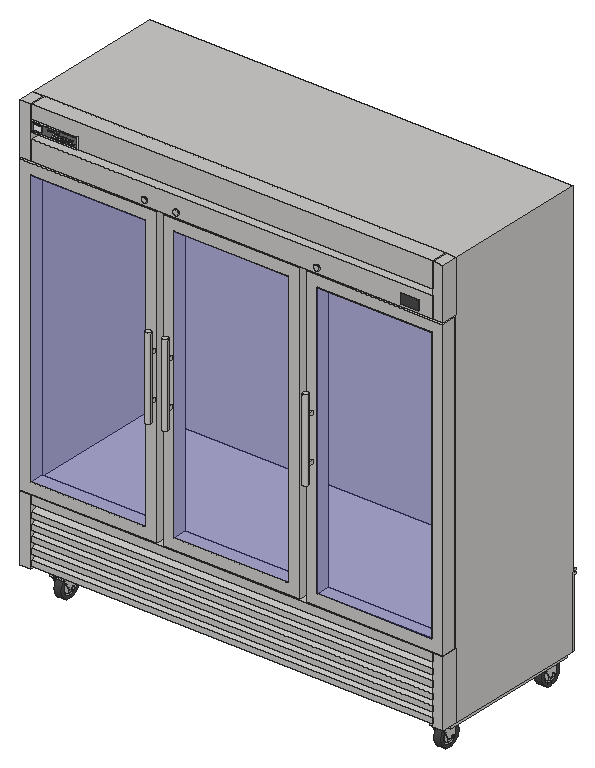
Revit family "QF_TRUE_TS-72G-HC~FGD01", category Specialty Equipment, Revit 2015
Parameters
  Weight in Pounds = 0
  Watts = Volts * FL Amps  # 793.5 W
  Volts = 115 V
  URL Cutsheet = "www.truemfg.com"
  URL = "www.truemfg.com"
  Specification by User = ""
  Specification by Manufacturer = ""
  Siesmic Flanged [instance] = and(Show Seismic Flanged, not(Show 5 Inches Castors))  # no
  Show Seismic Flanged [instance] = no
  Show Logo [instance] = yes
  Show Clearance [instance] = yes
  Show 6 Inches Legs [instance] = no
  Show 5 Inches Castors [instance] = not(or(Show 6 Inches Legs, Show Seismic Flanged))  # yes
  Serial Number = ""
  Seismic Rating = ""
  SMACNA No = ""
  Revision Code = ""
  Phase = 1
  Number of Poles = 1
  NAFEM Spec ID Number = ""
  Model = "TS-72G-HC~FGD01"
  Min Ckt Ampacity = 0 A
  Max Overcurrent Protection = 0 A
  Masterspec = ""
  Manufacturer = "TRUE"
  Length = 78 1/8"
  Item Number = ""
  Installed By = ""
  Identify Quantity as Lot = yes
  Height = 83 3/8"
  HP = "3/4"
  Furnished By = ""
  Foodservice Equipment Identifier = yes
  FL Amps = 6.9 A
  Electrical Remarks = ""
  Electric Connection Type = ""
  Elec Conn RI Height = 0"
  Elec Conn Connection Height = 0"
  Description = "REACH-IN GLASS SWING DOOR STAINLESS STEEL REFRIGERATOR WITH HYDROCARBON REFRIGERANT~FRAMED GLASS DOOR VERSION 01"
  Depth = 32 1/8"
  Cycle = 60 Hz
  Conn Plug = "NEMA 5-15P"
  Conn Conduit = yes
  CSI MasterFormat = ""
  Base Height [instance] = if(Show 5 Inches Castors, 5", if(Show 6 Inches Legs, 6", if(Show Seismic Flanged, 6", 5")))  # 5"
  Apparent Power = 0 VA
  6 Inches Legs [instance] = and(or(Show Seismic Flanged, Show 6 Inches Legs), not(Show 5 Inches Castors))  # no
  5 Inches  Casters [instance] = Show 5 Inches Castors  # yes
Reference planes (in)
  plane 1 "BACK": y = 0
  plane 2: z = 0
  plane 3 "LEFT": x = 0
  plane 4 "RIGHT": x = 78.125
  plane 5 "FRONT": y = -32.125
  plane 6 "TOP": z = 83.375
  plane 7 "Center Y": x = 39.0625
  plane 8 "Center X": y = -16.0625
  plane 9: z = 5
Forms (in)
  Extrusion 1, solid, material "QF_Metal - Stainless - Polished"
    sketch origin (0, -0.25, 18.90845) x (1, 0, 0) y (0, 0, -1)
      loop
        circle (39.0625, 10.90845) r 1
    from 0 to 0.125
Dimensions and locks (in)
  equal spacing: plane 3 "LEFT", plane 7 "Center Y", plane 4 "RIGHT"
  "Length": plane 3 "LEFT" to plane 4 "RIGHT"
  equal spacing: plane 5 "FRONT", plane 8 "Center X", plane 1 "BACK"
  "Depth": plane 5 "FRONT" to plane 1 "BACK"
  locked: plane 6 "TOP" to plane 9 at 78.375
  "Base Height": plane 9 to plane 2
  plane 6 "TOP" to plane 2 = 83 3/8"
  plane 5 "FRONT" to nested 1 = 32 1/8"
  nested 1 to nested 1 = 30 1/2"
  nested 1 to nested 1 = 5/8"
  nested 1 to nested 1 = 29 7/8"
  plane 5 "FRONT" to nested 1 = 1 5/8"
  aligned and locked: plane 2 to level
  aligned and locked: nested 1 to plane 9
Automatic sketch dimensions
  nested 1 to Extrusion 1 sketch curve = 1 5/8"
  nested 1 to Extrusion 1 sketch curve = 39 1/16"
  radius of Extrusion 1 sketch curve = 1"
Nested families (in)
  nested 1: "T-72G-HC-FGD01" at (0, 0, 0), Show Clearance <- "Show Clearance", Show Logo <- "Show Logo", type "T-72G-HC-FGD01"
    with Show Logo yes, Show Clearance yes, Materials and Finshes QF_Plastic - Black - Smooth, Default Legs yes
  nested 2: "Caster-Legs" at (4, -2.625, 0), Show Siesmic Flanged <- "Show Seismic Flanged", Show Legs <- "Show 6 Inches Legs", Show 5" Casters <- "5 Inches  Casters", type "Caster-Legs"
    with Type Mark "", Status "", Specification by User "", Show Siesmic Flanged no, Show Legs no, Show 6" Casters no, Show 5" Casters yes, Show 4" Casters no, Show 2.5 Casters no, Revision Code "", Low Profile no, Item Number "", Installed By "", Identify Quantity as Lot yes, Furnished By "", Foodservice Equipment Identifier yes
  nested 3: "Caster-Legs" at (4, -25.875, 0), Show Siesmic Flanged <- "Show Seismic Flanged", Show Legs <- "Show 6 Inches Legs", Show 5" Casters <- "5 Inches  Casters", type "Caster-Legs"
    with Type Mark "", Status "", Specification by User "", Show Siesmic Flanged no, Show Legs no, Show 6" Casters no, Show 5" Casters yes, Show 4" Casters no, Show 2.5 Casters no, Revision Code "", Low Profile no, Item Number "", Installed By "", Identify Quantity as Lot yes, Furnished By "", Foodservice Equipment Identifier yes
  nested 4: "Caster-Legs" at (74.125, -2.625, 0), Show Siesmic Flanged <- "Show Seismic Flanged", Show Legs <- "Show 6 Inches Legs", Show 5" Casters <- "5 Inches  Casters", type "Caster-Legs"
    with Type Mark "", Status "", Specification by User "", Show Siesmic Flanged no, Show Legs no, Show 6" Casters no, Show 5" Casters yes, Show 4" Casters no, Show 2.5 Casters no, Revision Code "", Low Profile no, Item Number "", Installed By "", Identify Quantity as Lot yes, Furnished By "", Foodservice Equipment Identifier yes
  nested 5: "Caster-Legs" at (74.125, -25.875, 0), Show Siesmic Flanged <- "Show Seismic Flanged", Show Legs <- "Show 6 Inches Legs", Show 5" Casters <- "5 Inches  Casters", type "Caster-Legs"
    with Type Mark "", Status "", Specification by User "", Show Siesmic Flanged no, Show Legs no, Show 6" Casters no, Show 5" Casters yes, Show 4" Casters no, Show 2.5 Casters no, Revision Code "", Low Profile no, Item Number "", Installed By "", Identify Quantity as Lot yes, Furnished By "", Foodservice Equipment Identifier yes
Connectors (in)
  electrical at (39.0625, -0.125, 8), driven by "Volts", driven by "Watts"
    settings: on Extrusion 1, index 1, voltage 115 V, apparent load 793.5 VA, apparent load phase1 0 VA, apparent load phase2 0 VA, apparent load phase3 0 VA, power factor 1, load classification "Other", number of poles 1, system type 30, power factor state 1, is connector primary yes, connector utility no, sub classification motor no, connector description "ELECTRICAL CONNECTION"
Definition of nested family "T-72G-HC-FGD01"
  Parameters
    Weight in Pounds = 0
    Watts = 0 W
    Volts = 0 V
    URL Cutsheet = ""
    Specification by User = ""
    Specification by Manufacturer = ""
    Show Logo [instance] = yes
    Show Clearance [instance] = yes
    Serial Number = ""
    Seismic Rating = ""
    SMACNA No = ""
    Revision Code = ""
    Phase = 0
    Number of Poles = 1
    NAFEM Spec ID Number = ""
    Min Ckt Ampacity = 0 A
    Max Overcurrent Protection = 0 A
    Materials and Finshes [instance] = none
    Masterspec = ""
    Length = 78 1/8"
    Item Number = ""
    Installed By = ""
    Identify Quantity as Lot = yes
    Height = 83 3/8"
    HP = ""
    Furnished By = ""
    Foodservice Equipment Identifier = yes
    FL Amps = 0 A
    Electrical Remarks = ""
    Electric Connection Type = ""
    Elec Conn RI Height = 0"
    Elec Conn Connection Height = 0"
    Depth = 30 1/2"
    Default Legs [instance] = yes
    Cycle = 0 Hz
    Conn Plug = ""
    Conn Conduit = yes
    CSI MasterFormat = ""
    Base Height [instance] = 5"
    Apparent Power = 0 VA
  Reference planes (in)
    plane 1 "BACK": y = 0
    plane 2: z = 0
    plane 3 "LEFT": x = 0
    plane 4 "RIGHT": x = 78.125
    plane 5 "FRONT": y = -30.5
    plane 6 "TOP": z = 83.375
    plane 7 "Center Y": x = 39.0625
    plane 8 "Center X": y = -15.25
    plane 9: z = 5
    plane 10: y = -32.125
    plane 11: y = -0.625
    plane 12: z = 6.375
    plane 13: x = 4
    plane 14: x = 74.125
    plane 15: y = -2.625
    plane 16: y = -26.875
  Forms (in)
    Extrusion 1, solid
      sketch origin (-5.09019, -0.625, 48) x (-1, 0, 0) y (0, 0, 1)
        loop
          line (-5.09019, 35.375) -> (-83.21519, 35.375) -> (-83.21519, -41.625) -> (-5.09019, -41.625) -> (-5.09019, 35.375)
      from 0 to -26.875
    Extrusion 2, solid
      sketch origin (-5.09019, -27.5, 48) x (1, 0, 0) y (0, 0, 1)
        loop
          line (5.09019, 35.375) -> (5.09019, 25.875) -> (7.09019, 25.875) -> (7.09019, 35.375) -> (5.09019, 35.375)
        loop
          line (83.21519, 35.375) -> (81.21519, 35.375) -> (81.21519, 25.875) -> (83.21519, 25.875) -> (83.21519, 35.375)
        loop
          line (5.09019, -29.375) -> (5.09019, -41.625) -> (7.09019, -41.625) -> (7.09019, -29.375) -> (5.09019, -29.375)
        loop
          line (83.21519, -29.375) -> (81.21519, -29.375) -> (81.21519, -41.625) -> (83.21519, -41.625) -> (83.21519, -29.375)
      from 0 to 3
    Extrusion 3, void
      sketch origin (-5.09019, -27.5, 48) x (-1, 0, 0) y (0, 0, 1)
        loop
          line (-5.34019, 25.375) -> (-82.96519, 25.375) -> (-82.96519, -28.875) -> (-5.34019, -28.875) -> (-5.34019, 25.375)
      from 0 to 25.61194
    Extrusion 4, solid
      sketch origin (-5.09019, -27.5, 48) x (1, 0, 0) y (0, 0, 1)
        loop
          line (30.34019, 25.625) -> (5.09019, 25.625) -> (5.09019, -29.125) -> (30.34019, -29.125) -> (30.34019, 25.625)
        loop
          line (28.34019, 23.625) -> (7.09019, 23.625) -> (7.09019, -27.125) -> (28.34019, -27.125) -> (28.34019, 23.625)
        loop
          line (56.76697, 25.625) -> (31.51697, 25.625) -> (31.51697, -29.125) -> (56.76697, -29.125) -> (56.76697, 25.625)
        loop
          line (54.76697, 23.625) -> (33.51697, 23.625) -> (33.51697, -27.125) -> (54.76697, -27.125) -> (54.76697, 23.625)
        loop
          line (57.96519, 25.625) -> (57.96519, -29.125) -> (83.21519, -29.125) -> (83.21519, 25.625) -> (57.96519, 25.625)
        loop
          line (59.96519, 23.625) -> (59.96519, -27.125) -> (81.21519, -27.125) -> (81.21519, 23.625) -> (59.96519, 23.625)
      from 0.5 to 3
    Extrusion 5, solid
      sketch origin (25.25, -27.5, 73.625) x (0, 0, -1) y (0, 1, 0)
        loop
          line (22.75, -3) -> (22.75, -3.63505) -> (23.39808, -3.63505) -> (23.39808, -3) -> (22.75, -3)
        loop
          line (30.8951, -3) -> (30.8951, -3.63505) -> (31.54318, -3.63505) -> (31.54318, -3) -> (30.8951, -3)
      from -0.36508 to -1.13332
    Extrusion 6, solid
      sketch origin (28.42678, -27.5, 18.875) x (0, 0, 1) y (0, -1, 0)
        loop
          line (32, 3) -> (32, 3.63505) -> (31.35192, 3.63505) -> (31.35192, 3) -> (32, 3)
        loop
          line (23.8549, 3) -> (23.8549, 3.63505) -> (23.20682, 3.63505) -> (23.20682, 3) -> (23.8549, 3)
      from -0.36508 to -1.13332
    Extrusion 7, solid
      sketch origin (52.875, -27.5, 73.625) x (0, 0, -1) y (0, -1, 0)
        loop
          line (22.75, 3) -> (23.39808, 3) -> (23.39808, 3.63505) -> (22.75, 3.63505) -> (22.75, 3)
        loop
          line (30.8951, 3) -> (31.54318, 3) -> (31.54318, 3.63505) -> (30.8951, 3.63505) -> (30.8951, 3)
      from -0.36508 to -1.13332
    Extrusion 8, solid
      sketch origin (25.25, -31.13505, 42.08182) x (1, 0, 0) y (0, -1, 0)
        loop
          circle (-0.7492, 0.49497) r 0.5
        loop
          circle (2.42758, 0.49497) r 0.5
        loop
          circle (28.3742, 0.49497) r 0.5
      from 3 to -12
    Extrusion 9, solid
      sketch origin (2, -27.5, 83.375) x (0, 0, -1) y (0, 1, 0)
        loop
          line (0, -3) -> (4.5, -3) -> (5.75, -0.19245) -> (5.75, -3) -> (9.5, -3) -> (9.5, 0) -> (0, 0) -> (0, -3)
        loop
          line (64.75, -3) -> (66.25, -3) -> (66.25, -0.43712) -> (67.5, -3) -> (68.5, -3) -> (68.5, -0.9497) -> (69.5, -3) -> (70.5, -3) -> (70.5, -0.9497) -> (71.5, -3) -> (72.5, -3) -> (72.5, -0.9497) -> (73.5, -3) -> (74.5, -3) -> (74.5, -0.9497) -> (75.5, -3) -> (76.5, -3) -> (76.5, 0) -> (64.75, 0) -> (64.75, -3)
      from 0 to 74.125
    Extrusion 10, solid
      sketch origin (-5.09019, -30.5, 48) x (1, 0, 0) y (0, 0, 1)
        loop
          line (7.09019, -27.125) -> (28.34019, -27.125) -> (28.34019, 23.625) -> (7.09019, 23.625) -> (7.09019, -27.125)
        loop
          line (33.51697, -27.125) -> (54.76697, -27.125) -> (54.76697, 23.625) -> (33.51697, 23.625) -> (33.51697, -27.125)
        loop
          line (59.96519, -27.125) -> (81.21519, -27.125) -> (81.21519, 23.625) -> (59.96519, 23.625) -> (59.96519, -27.125)
      from 0 to 0.125
    Extrusion 11, solid
      sketch origin (2, -30.5, 77.625) x (0, 0, -1) y (1, 0, 0)
        loop
          line (1.52381, 68.36966) -> (3.27381, 68.36966) -> (3.27381, 71.61966) -> (1.52381, 71.61966) -> (1.52381, 68.36966)
      from 0 to 0.0625
    Extrusion 12, solid
      sketch origin (2, -30.5, 77.625) x (0, 0, -1) y (1, 0, 0)
        loop
          circle (2.77758, 20.91745) r 0.5
        loop
          circle (2.77758, 26.78508) r 0.5
        loop
          circle (2.77758, 52.78508) r 0.5
      from 0 to 0.0625
    Extrusion 13, solid, visible <- "Show Logo", detail levels medium+fine
      sketch origin (2, -30.5, 82.63885) x (0, 0, -1) y (1, 0, 0)
        loop
          line (1.76118, 8.6) -> (1.76118, 0) -> (3.76385, 0) -> (3.76385, 8.6) -> (1.76118, 8.6)
        loop
          line (1.89867, 0.1375) -> (3.62635, 0.1375) -> (3.62635, 8.4625) -> (1.89867, 8.4625) -> (1.89867, 0.1375)
      from 0 to 0.125
    Extrusion 14, solid, visible <- "Show Logo", detail levels medium+fine
      sketch origin (2, -30.5, 82.63885) x (0, 0, -1) y (1, 0, 0)
        loop
          line (1.89867, 0.1375) -> (3.62635, 0.1375) -> (3.62635, 8.4625) -> (1.89867, 8.4625) -> (1.89867, 0.1375)
      from 0 to 0.125
    Extrusion 15, solid, visible <- "Show Logo", detail levels medium+fine
      sketch origin (2, -30.625, 82.63885) x (0, 0, -1) y (1, 0, 0)
        loop
          line (2.97977, 4.28365) -> (2.50687, 4.5351) -> (2.50687, 5.16949) -> (2.33804, 5.24822) -> (2.33804, 4.61383) -> (2.16921, 4.69255) -> (2.16921, 4.46687) -> (2.33804, 4.38814) -> (2.33804, 3.3058) -> (2.50687, 3.22707) -> (2.50687, 4.27436)
          arc (2.50687, 4.27436) -> (2.54446, 4.29562) -> (2.58205, 4.27436) r 0.04386
          line (2.58205, 4.27436) -> (3.16783, 4.00121)
          arc (3.16783, 4.00121) -> (3.22209, 3.99884) -> (3.26213, 4.03553) r 0.07096
          line (3.26213, 4.03553) -> (3.26213, 4.70519)
          arc (3.26213, 4.70519) -> (3.23547, 4.78975) -> (3.16512, 4.84372) r 0.14742
          line (3.16512, 4.84372) -> (2.70413, 5.05869) -> (2.70413, 5.25619)
          arc (2.70413, 5.25619) -> (2.72319, 5.308) -> (2.77789, 5.3005) r 0.04405
          line (2.77789, 5.3005) -> (3.16362, 5.12064)
          arc (3.16362, 5.12064) -> (3.22768, 5.12343) -> (3.26213, 5.17751) r 0.06943
          line (3.26213, 5.17751) -> (3.26213, 5.76593)
          arc (3.26213, 5.76593) -> (3.24572, 5.81102) -> (3.20417, 5.83501) r 0.07014
          arc (3.20417, 5.83501) -> (3.24515, 5.85198) -> (3.26213, 5.89296) r 0.05796
          line (3.26213, 5.89296) -> (3.26213, 6.26554)
          arc (3.26213, 6.26554) -> (3.25059, 6.30858) -> (3.21909, 6.34009) r 0.08608
          arc (3.21909, 6.34009) -> (3.2555, 6.35517) -> (3.27059, 6.39159) r 0.0515
          line (3.27059, 6.39159) -> (3.27059, 6.92111)
          arc (3.27059, 6.92111) -> (3.25266, 6.9644) -> (3.20937, 6.98233) r 0.06122
          arc (3.20937, 6.98233) -> (3.24905, 7.02202) -> (3.26358, 7.07623) r 0.10842
          line (3.26358, 7.07623) -> (3.26358, 8.06814) -> (3.07273, 8.17833) -> (3.07273, 7.17784)
          arc (3.07273, 7.17784) -> (3.05358, 7.15022) -> (3.02, 7.14919) r 0.03732
          line (3.02, 7.14919) -> (2.98288, 7.1665)
          arc (2.98288, 7.1665) -> (2.94807, 7.19307) -> (2.93487, 7.23483) r 0.07263
          line (2.93487, 7.23483) -> (2.93487, 7.55642)
          arc (2.93487, 7.55642) -> (2.91627, 7.62583) -> (2.86546, 7.67664) r 0.13882
          line (2.86546, 7.67664) -> (2.70413, 7.76979)
          arc (2.70413, 7.76979) -> (2.61802, 7.76979) -> (2.57497, 7.69522) r 0.08611
          line (2.57497, 7.69522) -> (2.57497, 7.3558)
          arc (2.57497, 7.3558) -> (2.58967, 7.26928) -> (2.65338, 7.20892) r 0.13863
          line (2.65338, 7.20892) -> (2.99927, 7.04763)
          arc (2.99927, 7.04763) -> (3.06131, 7.00002) -> (3.08482, 6.92544) r 0.13002
          line (3.08482, 6.92544) -> (3.08482, 6.57338)
          arc (3.08482, 6.57338) -> (3.03883, 6.53123) -> (2.9765, 6.53395) r 0.08151
          line (2.9765, 6.53395) -> (2.57497, 6.72119) -> (2.57497, 6.60202) -> (3.00038, 6.40365)
          arc (3.00038, 6.40365) -> (3.05061, 6.36511) -> (3.06965, 6.30473) r 0.10527
          line (3.06965, 6.30473) -> (3.06965, 6.06195)
          arc (3.06965, 6.06195) -> (3.01619, 6.02093) -> (2.94937, 6.02973) r 0.08805
          line (2.94937, 6.02973) -> (2.57497, 6.20431) -> (2.57497, 6.08125) -> (3.00592, 5.88029)
          arc (3.00592, 5.88029) -> (3.05257, 5.83364) -> (3.06965, 5.76992) r 0.12745
          line (3.06965, 5.76992) -> (3.06965, 5.41837)
          arc (3.06965, 5.41837) -> (3.04021, 5.35523) -> (2.9708, 5.34916) r 0.06967
          line (2.9708, 5.34916) -> (2.72299, 5.46471) -> (2.72299, 5.62806)
          arc (2.72299, 5.62806) -> (2.63993, 5.65562) -> (2.57497, 5.71428) r 0.21289
          line (2.57497, 5.71428) -> (2.57497, 5.07597)
          arc (2.57497, 5.07597) -> (2.5907, 5.00504) -> (2.64426, 4.95596) r 0.12081
          line (2.64426, 4.95596) -> (3.01531, 4.78294)
          arc (3.01531, 4.78294) -> (3.05509, 4.74316) -> (3.06965, 4.68881) r 0.10869
          line (3.06965, 4.68881) -> (3.06965, 4.30773)
          arc (3.06965, 4.30773) -> (3.02945, 4.27799) -> (2.97977, 4.28365) r 0.06822
        loop
          arc (2.83181, 7.55242) -> (2.82738, 7.57242) -> (2.81491, 7.58867) r 0.04731
          line (2.81491, 7.58867) -> (2.7524, 7.60216)
          arc (2.7524, 7.60216) -> (2.73568, 7.59819) -> (2.72826, 7.58268) r 0.01994
          line (2.72826, 7.58268) -> (2.72826, 7.31291)
          arc (2.72826, 7.31291) -> (2.73562, 7.28544) -> (2.75573, 7.26533) r 0.05494
          line (2.75573, 7.26533) -> (2.80595, 7.249)
          arc (2.80595, 7.249) -> (2.82424, 7.25658) -> (2.83181, 7.27486) r 0.02586
          line (2.83181, 7.27486) -> (2.83181, 7.55242)
        loop
          line (2.16921, 2.1375) -> (2.16921, 0.74564) -> (3.27059, 0.74564) -> (3.27059, 2.1375) -> (2.16921, 2.1375)
      from 0 to 0.0625
    Extrusion 16, solid
      sketch origin (0, 0, 0) x (1, 0, 0) y (0, 0, 1)
        loop
          line (1, 6.375) -> (1, 5) -> (77.125, 5) -> (77.125, 6.375) -> (1, 6.375)
      from 0.625 to 27.5
    Extrusion 17, solid, visible <- "Show Clearance", detail levels coarse
      sketch origin (0, -27.5, 18.875) x (0, -1, 0) y (-1, 0, 0)
        loop
          line (3, 0) -> (3, -25.25)
          arc (3, -25.25) -> (20.85445, -17.85445) -> (28.25, 0) r 25.25
          line (28.25, 0) -> (3, 0)
        loop
          line (3, -51.67678) -> (28.25, -51.67678)
          arc (28.25, -51.67678) -> (20.85445, -33.82233) -> (3, -26.42678) r 25.25
          line (3, -26.42678) -> (3, -51.67678)
        loop
          line (3, -52.875) -> (3, -78.125) -> (28.25, -78.125)
          arc (28.25, -78.125) -> (20.85445, -60.27055) -> (3, -52.875) r 25.25
      from 0 to -54.75
    Extrusion 18, solid
      sketch origin (0, -0.625, 82.375) x (0, 0, 1) y (0, 1, 0)
        loop
          line (-76, 0) -> (-62.57476, 0) -> (-62.57476, 0.14819) -> (-62.39798, 0.32496) -> (-62.39798, 0.625) -> (-62.74122, 0.625) -> (-62.74122, 0.375) -> (-63.12172, 0.375) -> (-63.12172, 0.625) -> (-63.46655, 0.625) -> (-63.46655, 0.375) -> (-76, 0.375) -> (-76, 0)
      from 0 to -78.125
  Cuts and joins
    Extrusion 3 cuts Extrusion 1
    Extrusion 3 cuts Extrusion 2
  Lines and regions (in)
    symbolic lines
      curve 1: line (0, 0, 0) -> (78.125, 0, 0)
      curve 2: line (0, -30.5, 0) -> (0, 0, 0)
      curve 3: line (78.125, -30.5, 0) -> (0, -30.5, 0)
      curve 4: line (78.125, 0, 0) -> (78.125, -30.5, 0)
      curve 5: line (78.125, -27.5, 0) -> (0, -27.5, 0)
      curve 6: line (78.125, -0.625, 0) -> (0, -0.625, 0)
      curve 7: arc (29.80964, -43.125, 0) -> (27.28715, -37.03518, 0) -> (26.42678, -30.5, 0) r 25.25
      curve 8: line (29.80964, -43.125, 0) -> (51.67678, -30.5, 0)
      curve 9: arc (56.25786, -43.125, 0) -> (53.73537, -37.03518, 0) -> (52.875, -30.5, 0) r 25.25
      curve 10: line (56.25786, -43.125, 0) -> (78.125, -30.5, 0)
      curve 11: arc (25.25, -30.5, 0) -> (24.38963, -37.03518, 0) -> (21.86714, -43.125, 0) r 25.25
      curve 12: line (0, -30.5, 0) -> (21.86714, -43.125, 0)
      curve 13: arc (24.0008, -31.63003, 0) -> (24.5008, -31.13003, 0) -> (25.0008, -31.63003, 0) r 0.5
      curve 14: arc (25.0008, -31.63003, 0) -> (24.5008, -32.13003, 0) -> (24.0008, -31.63003, 0) r 0.5
      curve 15: line (24.88492, -30.5, 0) -> (24.88492, -31.30994, 0)
      curve 16: line (24.11668, -30.5, 0) -> (24.11668, -31.30994, 0)
      curve 17: arc (27.17758, -31.63003, 0) -> (27.67758, -31.13003, 0) -> (28.17758, -31.63003, 0) r 0.5
      curve 18: arc (28.17758, -31.63003, 0) -> (27.67758, -32.13003, 0) -> (27.17758, -31.63003, 0) r 0.5
      curve 19: line (28.06169, -30.5, 0) -> (28.06169, -31.30994, 0)
      curve 20: line (27.29346, -30.5, 0) -> (27.29346, -31.30994, 0)
      curve 21: arc (53.1242, -31.63003, 0) -> (53.6242, -31.13003, 0) -> (54.1242, -31.63003, 0) r 0.5
      curve 22: arc (54.1242, -31.63003, 0) -> (53.6242, -32.13003, 0) -> (53.1242, -31.63003, 0) r 0.5
      curve 23: line (54.00832, -30.5, 0) -> (54.00832, -31.30994, 0)
      curve 24: line (53.24008, -30.5, 0) -> (53.24008, -31.30994, 0)
  Dimensions and locks (in)
    equal spacing: plane 3 "LEFT", plane 7 "Center Y", plane 4 "RIGHT"
    "Length": plane 3 "LEFT" to plane 4 "RIGHT"
    equal spacing: plane 5 "FRONT", plane 8 "Center X", plane 1 "BACK"
    "Depth": plane 5 "FRONT" to plane 1 "BACK"
    "Height": plane 6 "TOP" to level
    "Base Height": plane 9 to plane 2
    plane 1 "BACK" to plane 10 = 32 1/8"
    plane 1 "BACK" to plane 11 = 5/8"
    plane 11 to plane 5 "FRONT" = 29 7/8"
    plane 6 "TOP" to plane 9 = 78 3/8"
    plane 6 "TOP" to plane 12 to plane 9 = 77", 1 3/8"
    plane 10 to plane 1 "BACK" = 32 1/8"
    plane 5 "FRONT" to plane 11 = 29 7/8"
    aligned and locked: level to plane 2
  Automatic sketch dimensions
    plane 4 "RIGHT" to Extrusion 1 sketch curve = 0"
    Extrusion 1 sketch curve to plane 3 "LEFT" = 0"
    Extrusion 1 sketch curve to plane 12 = 0"
    Extrusion 1 sketch curve to plane 6 "TOP" = 0"
    Extrusion 2 sketch curve to Extrusion 1 = 0"  (x7)
    Extrusion 1 to Extrusion 2 sketch curve = 0"
    Extrusion 2 sketch curve to Extrusion 1 = 2"  (x4)
    Extrusion 2 sketch curve to Extrusion 2 sketch curve = 12 1/4"  (x2)
    Extrusion 2 sketch curve to Extrusion 1 = 9 1/2"  (x2)
    Extrusion 1 to Extrusion 3 sketch curve = 1/4"  (x2)
    Extrusion 1 to Extrusion 3 sketch curve = 12 3/4"
    Extrusion 1 to Extrusion 3 sketch curve = 10"
    Extrusion 1 to Extrusion 4 sketch curve = 0"
    Extrusion 4 sketch curve to Extrusion 1 = 0"
    Extrusion 4 sketch curve to Extrusion 1 = 2"  (x2)
    Extrusion 4 sketch curve to Extrusion 4 sketch curve = 21 1/4"  (x2)
    Extrusion 4 sketch curve to Extrusion 4 sketch curve = 2"  (x10)
    Extrusion 4 sketch curve to Extrusion 4 sketch curve = 1.17678"
    Extrusion 4 sketch curve to Extrusion 4 sketch curve = 1.19822"
    Extrusion 4 sketch curve to Extrusion 1 = 12 1/2"  (x3)
    Extrusion 4 sketch curve to Extrusion 1 = 11 3/4"  (x2)
    Extrusion 4 sketch curve to Extrusion 4 sketch curve = 0"
    Extrusion 5 sketch curve to Extrusion 4 = 0"  (x2)
    Extrusion 5 sketch curve to Extrusion 4 = 0.63505"
    Extrusion 5 sketch curve to Extrusion 4 = 22 3/4"
    Extrusion 5 sketch curve to Extrusion 5 sketch curve = 0.64808"  (x2)
    Extrusion 5 sketch curve to Extrusion 5 sketch curve = 7.49702"
    Extrusion 5 sketch curve to Extrusion 5 sketch curve = 0.63505"
    Extrusion 6 sketch curve to Extrusion 4 = 0"  (x2)
    Extrusion 4 to Extrusion 6 sketch curve = 21.20682"
    Extrusion 6 sketch curve to Extrusion 6 sketch curve = 0.64808"  (x2)
    Extrusion 6 sketch curve to Extrusion 6 sketch curve = 7.49702"
    Extrusion 6 sketch curve to Extrusion 6 sketch curve = 0.63505"  (x2)
    Extrusion 7 sketch curve to Extrusion 4 = 0"  (x2)
    Extrusion 7 sketch curve to Extrusion 4 = 0.63505"  (x2)
    Extrusion 4 to Extrusion 7 sketch curve = 22 3/4"
    Extrusion 7 sketch curve to Extrusion 7 sketch curve = 0.64808"  (x2)
    Extrusion 7 sketch curve to Extrusion 7 sketch curve = 7.49702"
    Extrusion 8 sketch curve to Extrusion 5 = 0.38412"
    Extrusion 5 to Extrusion 8 sketch curve = 0.49497"  (x3)
    Extrusion 5 to Extrusion 8 sketch curve = 2.79266"
    Extrusion 8 sketch curve to Extrusion 8 sketch curve = 25.94662"
    Extrusion 9 sketch curve to Extrusion 2 = 0"  (x12)
    Extrusion 9 sketch curve to Extrusion 9 sketch curve = 4 1/2"
    Extrusion 2 to Extrusion 9 sketch curve = 0.19245"
    Extrusion 9 sketch curve to Extrusion 9 sketch curve = 1 1/4"  (x2)
    Extrusion 9 sketch curve to Extrusion 2 = 55 1/4"
    Extrusion 9 sketch curve to Extrusion 9 sketch curve = 1 1/2"
    Extrusion 2 to Extrusion 9 sketch curve = 0.9497"  (x4)
    Extrusion 9 sketch curve to Extrusion 9 sketch curve = 1"  (x7)
    Extrusion 9 sketch curve to Extrusion 9 sketch curve = 2"  (x2)
    Extrusion 2 to Extrusion 9 sketch curve = 0.43712"
    Extrusion 10 sketch curve to Extrusion 4 = 0"  (x9)
    Extrusion 4 to Extrusion 10 sketch curve = 0"  (x3)
    Extrusion 9 to Extrusion 11 sketch curve = 1.52381"
    Extrusion 11 sketch curve to Extrusion 9 = 0.47619"
    Extrusion 9 to Extrusion 11 sketch curve = 5.75534"
    Extrusion 9 to Extrusion 11 sketch curve = 2.50534"
    Extrusion 12 sketch curve to Extrusion 9 = 0.97242"  (x3)
    Extrusion 9 to Extrusion 12 sketch curve = 20.91745"
    Extrusion 12 sketch curve to Extrusion 12 sketch curve = 5.86763"
    Extrusion 9 to Extrusion 12 sketch curve = 21.33992"
    Extrusion 13 sketch curve to Extrusion 9 = 0"  (x2)
    Extrusion 13 sketch curve to Extrusion 9 = 0.1375"
    Extrusion 9 to Extrusion 13 sketch curve = 0.1375"
    Extrusion 13 sketch curve to Extrusion 13 sketch curve = 1.72768"
    Extrusion 13 sketch curve to Extrusion 13 sketch curve = 0.1375"  (x2)
    Extrusion 13 sketch curve to Extrusion 13 sketch curve = 8.325"
    Extrusion 14 sketch curve to Extrusion 9 = 0.1375"
    Extrusion 9 to Extrusion 14 sketch curve = 0.1375"
    Extrusion 14 sketch curve to Extrusion 14 sketch curve = 1.72768"
    Extrusion 14 sketch curve to Extrusion 14 sketch curve = 8.325"
    Extrusion 13 to Extrusion 15 sketch curve = 0.27054"  (x2)
    Extrusion 15 sketch curve to Extrusion 15 sketch curve = 0.16883"  (x3)
    Extrusion 13 to Extrusion 15 sketch curve = 0.43937"
    Extrusion 15 sketch curve to Extrusion 15 sketch curve = 0.03759"  (x2)
    Extrusion 15 sketch curve to Extrusion 15 sketch curve = 0.0681"
    Extrusion 15 sketch curve to Extrusion 15 sketch curve = 0"  (x3)
    Extrusion 15 sketch curve to Extrusion 15 sketch curve = 0.06929"
    Extrusion 15 sketch curve to Extrusion 15 sketch curve = 0.07841"
    Extrusion 15 sketch curve to Extrusion 15 sketch curve = 0.08611"
    Extrusion 15 sketch curve to Extrusion 15 sketch curve = 0.05106"
    Extrusion 15 sketch curve to Extrusion 15 sketch curve = 0.00881"
    Extrusion 15 sketch curve to Extrusion 15 sketch curve = 0.04305"
    Extrusion 15 sketch curve to Extrusion 15 sketch curve = 0.137"
    Extrusion 15 sketch curve to Extrusion 15 sketch curve = 0.01886"  (x2)
    Extrusion 15 sketch curve to Extrusion 15 sketch curve = 0.06718"
    Extrusion 15 sketch curve to Extrusion 15 sketch curve = 0.04174"
    Extrusion 15 sketch curve to Extrusion 15 sketch curve = 0.02409"
    Extrusion 15 sketch curve to Extrusion 15 sketch curve = 0.01994"
    Extrusion 15 sketch curve to Extrusion 15 sketch curve = 0.00421"
    Extrusion 15 sketch curve to Extrusion 15 sketch curve = 0.02747"
    Extrusion 15 sketch curve to Extrusion 15 sketch curve = 0.03201"
    Extrusion 15 sketch curve to Extrusion 15 sketch curve = 0.05494"
    Extrusion 15 sketch curve to Extrusion 15 sketch curve = 0.0363"
    Extrusion 15 sketch curve to Extrusion 15 sketch curve = 0.01155"
    Extrusion 15 sketch curve to Extrusion 15 sketch curve = 0.05022"
    Extrusion 15 sketch curve to Extrusion 15 sketch curve = 0.03576"
    Extrusion 15 sketch curve to Extrusion 15 sketch curve = 0.05055"
    Extrusion 15 sketch curve to Extrusion 15 sketch curve = 0.10306"
    Extrusion 15 sketch curve to Extrusion 15 sketch curve = 0.19512"
    Extrusion 15 sketch curve to Extrusion 15 sketch curve = 0.00718"
    Extrusion 15 sketch curve to Extrusion 15 sketch curve = 0.01993"
    Extrusion 15 sketch curve to Extrusion 15 sketch curve = 0.3167"
    Extrusion 15 sketch curve to Extrusion 15 sketch curve = 0.015"
    Extrusion 15 sketch curve to Extrusion 15 sketch curve = 0.19292"
    Extrusion 15 sketch curve to Extrusion 15 sketch curve = 0.01213"
    Extrusion 15 sketch curve to Extrusion 15 sketch curve = 0.39772"
    Extrusion 15 sketch curve to Extrusion 15 sketch curve = 0.04801"
    Extrusion 15 sketch curve to Extrusion 15 sketch curve = 0.04402"
    Extrusion 15 sketch curve to Extrusion 15 sketch curve = 0.01639"
    Extrusion 15 sketch curve to Extrusion 15 sketch curve = 0.02944"
    Extrusion 15 sketch curve to Extrusion 15 sketch curve = 0.03601"
    Extrusion 15 sketch curve to Extrusion 15 sketch curve = 0.06372"  (x2)
    Extrusion 15 sketch curve to Extrusion 15 sketch curve = 0.07263"
    Extrusion 15 sketch curve to Extrusion 15 sketch curve = 0.03445"
    Extrusion 15 sketch curve to Extrusion 15 sketch curve = 0.03203"
    Extrusion 15 sketch curve to Extrusion 15 sketch curve = 0.05434"
    Extrusion 15 sketch curve to Extrusion 15 sketch curve = 0.03711"
    Extrusion 15 sketch curve to Extrusion 15 sketch curve = 0.01577"
    Extrusion 15 sketch curve to Extrusion 15 sketch curve = 0.10527"
    Extrusion 15 sketch curve to Extrusion 15 sketch curve = 0.05785"
    Extrusion 15 sketch curve to Extrusion 15 sketch curve = 0.20727"
    Extrusion 15 sketch curve to Extrusion 15 sketch curve = 0.13002"
    Extrusion 15 sketch curve to Extrusion 15 sketch curve = 0.04505"
    Extrusion 15 sketch curve to Extrusion 15 sketch curve = 0.08242"
    Extrusion 15 sketch curve to Extrusion 15 sketch curve = 0.19282"
    Extrusion 15 sketch curve to Extrusion 15 sketch curve = 0.05042"
    Extrusion 15 sketch curve to Extrusion 15 sketch curve = 0.09818"
    Extrusion 15 sketch curve to Extrusion 15 sketch curve = 0.1064"
    Extrusion 15 sketch curve to Extrusion 15 sketch curve = 0.12234"
    Extrusion 15 sketch curve to Extrusion 15 sketch curve = 0.02934"
    Extrusion 15 sketch curve to Extrusion 15 sketch curve = 0.02999"
    Extrusion 15 sketch curve to Extrusion 15 sketch curve = 0.01218"
    Extrusion 15 sketch curve to Extrusion 15 sketch curve = 0.12454"
    Extrusion 15 sketch curve to Extrusion 15 sketch curve = 0.04304"  (x2)
    Extrusion 15 sketch curve to Extrusion 15 sketch curve = 0.06917"
    Extrusion 15 sketch curve to Extrusion 15 sketch curve = 0.06431"
    Extrusion 15 sketch curve to Extrusion 15 sketch curve = 0.10842"
    Extrusion 15 sketch curve to Extrusion 15 sketch curve = 0.06122"
    Extrusion 13 to Extrusion 15 sketch curve = 0.35576"
    Extrusion 13 to Extrusion 15 sketch curve = 0.60814"
    Extrusion 15 sketch curve to Extrusion 15 sketch curve = 2.48143"
    Extrusion 15 sketch curve to Extrusion 15 sketch curve = 0.07873"  (x5)
    Extrusion 15 sketch curve to Extrusion 15 sketch curve = 0.77414"
    Extrusion 15 sketch curve to Extrusion 15 sketch curve = 0.03432"
    Extrusion 15 sketch curve to Extrusion 15 sketch curve = 0.25054"
    Extrusion 15 sketch curve to Extrusion 15 sketch curve = 0.02261"
    Extrusion 15 sketch curve to Extrusion 15 sketch curve = 0.21813"
    Extrusion 15 sketch curve to Extrusion 15 sketch curve = 0.02408"
    Extrusion 15 sketch curve to Extrusion 15 sketch curve = 0.11378"
    Extrusion 15 sketch curve to Extrusion 15 sketch curve = 0.14695"
    Extrusion 15 sketch curve to Extrusion 15 sketch curve = 0.34493"
    Extrusion 15 sketch curve to Extrusion 15 sketch curve = 0.01637"
    Extrusion 15 sketch curve to Extrusion 15 sketch curve = 0.17302"
    Extrusion 15 sketch curve to Extrusion 15 sketch curve = 0.10273"
    Extrusion 15 sketch curve to Extrusion 15 sketch curve = 0.00676"
    Extrusion 15 sketch curve to Extrusion 15 sketch curve = 0.27691"
    Extrusion 15 sketch curve to Extrusion 15 sketch curve = 0.09352"
    Extrusion 15 sketch curve to Extrusion 15 sketch curve = 0.05688"
    Extrusion 15 sketch curve to Extrusion 15 sketch curve = 0.19074"
    Extrusion 15 sketch curve to Extrusion 15 sketch curve = 0.01406"
    Extrusion 15 sketch curve to Extrusion 15 sketch curve = 0.04866"
    Extrusion 15 sketch curve to Extrusion 15 sketch curve = 0.06314"
    Extrusion 15 sketch curve to Extrusion 15 sketch curve = 0.16421"
    Extrusion 15 sketch curve to Extrusion 15 sketch curve = 0.16334"
    Extrusion 15 sketch curve to Extrusion 15 sketch curve = 0.08623"
    Extrusion 15 sketch curve to Extrusion 15 sketch curve = 0.34756"
    Extrusion 15 sketch curve to Extrusion 15 sketch curve = 0.00399"
    Extrusion 15 sketch curve to Extrusion 15 sketch curve = 0.14943"
    Extrusion 15 sketch curve to Extrusion 15 sketch curve = 0.03223"
    Extrusion 15 sketch curve to Extrusion 15 sketch curve = 0.24167"
    Extrusion 15 sketch curve to Extrusion 15 sketch curve = 0.12306"
    Extrusion 15 sketch curve to Extrusion 15 sketch curve = 0.20358"
    Extrusion 15 sketch curve to Extrusion 15 sketch curve = 0.19875"
    Extrusion 15 sketch curve to Extrusion 15 sketch curve = 0.1303"
    Extrusion 15 sketch curve to Extrusion 15 sketch curve = 0.03943"
    Extrusion 15 sketch curve to Extrusion 15 sketch curve = 0.39771"
    Extrusion 15 sketch curve to Extrusion 15 sketch curve = 0.11917"
    Extrusion 15 sketch curve to Extrusion 15 sketch curve = 0.34773"
    Extrusion 15 sketch curve to Extrusion 15 sketch curve = 0.00434"
    Extrusion 15 sketch curve to Extrusion 15 sketch curve = 13/128"
    Extrusion 15 sketch curve to Extrusion 15 sketch curve = 0.01731"
    Extrusion 15 sketch curve to Extrusion 15 sketch curve = 0.02865"
    Extrusion 15 sketch curve to Extrusion 15 sketch curve = 0.02591"
    Extrusion 15 sketch curve to Extrusion 15 sketch curve = 0.01417"
    Extrusion 15 sketch curve to Extrusion 15 sketch curve = 0.00953"
    Extrusion 15 sketch curve to Extrusion 15 sketch curve = 0.02165"
    Extrusion 15 sketch curve to Extrusion 15 sketch curve = 0.21786"
    Extrusion 15 sketch curve to Extrusion 15 sketch curve = 0.004"
    Extrusion 15 sketch curve to Extrusion 15 sketch curve = 0.03026"
    Extrusion 15 sketch curve to Extrusion 15 sketch curve = 0.11254"
    Extrusion 13 to Extrusion 15 sketch curve = 0.39436"
    Extrusion 15 sketch curve to Extrusion 15 sketch curve = 0.11019"
    Extrusion 15 sketch curve to Extrusion 15 sketch curve = 1.39186"
    Extrusion 16 sketch curve to plane 12 = 0"
    Extrusion 16 sketch curve to plane 9 = 0"
    plane 3 "LEFT" to Extrusion 16 sketch curve = 1"
    plane 4 "RIGHT" to Extrusion 16 sketch curve = 1"
    Extrusion 4 to Extrusion 17 sketch curve = 0"  (x2)
    Extrusion 17 sketch curve to Extrusion 4 = 0"  (x3)
    Extrusion 17 sketch curve to Extrusion 17 sketch curve = 1.17678"
    Extrusion 17 sketch curve to Extrusion 17 sketch curve = 25 1/4"  (x2)
    Extrusion 17 sketch curve to Extrusion 17 sketch curve = 1.19822"
    Extrusion 18 sketch curve to Extrusion 1 = 0"
    Extrusion 18 sketch curve to Extrusion 1 = 5/8"
    Extrusion 18 sketch curve to Extrusion 18 sketch curve = 12.53345"
    Extrusion 18 sketch curve to Extrusion 18 sketch curve = 0.34482"
    Extrusion 18 sketch curve to Extrusion 18 sketch curve = 0.3805"
    Extrusion 18 sketch curve to Extrusion 18 sketch curve = 0.16647"
    Extrusion 18 sketch curve to Extrusion 1 = 0.32496"
    Extrusion 18 sketch curve to Extrusion 18 sketch curve = 0.17678"
    Extrusion 18 sketch curve to Extrusion 18 sketch curve = 0.14819"
    Extrusion 18 sketch curve to Extrusion 18 sketch curve = 1/4"  (x2)
    Extrusion 18 sketch curve to Extrusion 1 = 3/8"
    Extrusion 1 to Extrusion 18 sketch curve = 0"
    curve 13 to curve 14 = 0"  (x2)
    curve 17 to curve 18 = 0"  (x2)
    curve 21 to curve 22 = 0"  (x2)
    plane 1 "BACK" to curve 1 = 0"
    curve 1 to plane 3 "LEFT" = 0"
    curve 11 to plane 3 "LEFT" = 0"
    plane 5 "FRONT" to curve 16 = 0"
    curve 10 to plane 4 "RIGHT" = 0"
    curve 9 to plane 4 "RIGHT" = 0"
    curve 6 to plane 11 = 0"
    curve 12 to plane 7 "Center Y" = 17.19536"
    plane 10 to curve 14 = 0.49497"
    curve 12 to curve 14 = 2.63366"
    plane 10 to curve 17 = 0.49497"
    curve 13 to curve 17 = 3.17678"
    curve 12 to curve 8 = 7.94249"
    plane 7 "Center Y" to curve 7 = 12.61428"
    plane 10 to curve 22 = 0.49497"
    curve 7 to curve 22 = 1.94742"
    curve 21 to curve 10 = 2.63366"
    curve 12 to plane 10 = 11"
    curve 10 to plane 10 = 11"
    curve 12 to curve 8 = 0"
    curve 14 to curve 13 = 1/2"
    curve 13 to curve 16 = 0.11588"
    curve 15 to curve 11 = 0.36508"
    curve 17 to curve 17 = 1/2"
    curve 7 to curve 20 = 0.86668"
    curve 19 to curve 17 = 0.11588"
    curve 8 to curve 7 = 0"
    curve 21 to curve 21 = 1/2"
    curve 9 to curve 24 = 0.36508"
    curve 23 to curve 21 = 0.11588"
    curve 5 to plane 16 = 5/8"
    radius of Extrusion 8 sketch curve = 1/2"  (x3)
    radius of Extrusion 12 sketch curve = 1/2"  (x3)
Definition of nested family "Caster-Legs"
  Parameters
    Weight = ""
    URL Manufacturer = ""
    URL Cutsheet = ""
    URL = ""
    Type Mark [instance] = ""
    Status [instance] = ""
    Specification by User [instance] = ""
    Specification by Manufacturer = ""
    Show Siesmic Flanged [instance] = yes
    Show Legs [instance] = yes
    Show 6" Casters [instance] = yes
    Show 5" Casters [instance] = yes
    Show 4" Casters [instance] = yes
    Show 2.5 Casters [instance] = yes
    Serial Number = ""
    Seismic Rating = ""
    SMACNA No = ""
    Revision Code [instance] = ""
    Omniclass Number and Title = ""
    NAFEM Spec ID Number = ""
    Model = ""
    MasterSpec. = ""
    Manufacturer = ""
    Low Profile [instance] = yes
    Item Number [instance] = ""
    Installed By [instance] = ""
    Identify Quantity as Lot [instance] = yes
    Furnished By [instance] = ""
    Foodservice Equipment Identifier [instance] = yes
    Description = ""
    CSI MasterFormat = ""
    CSI Master Format = ""
    Assembly Code = ""
  Reference planes (in)
    plane 1: z = 0
    plane 2 "RIGHT": x = 0
    plane 3 "FRONT": y = 0
    plane 4 "TOP": z = 6
    plane 5: z = 2.125
    plane 6: z = 2.5
    plane 7: z = 6.25
  Forms (in)
    Revolve 1, solid, visible <- "Show Legs"
      sketch origin (11.12172, 0, 0) x (-1, 0, 0) y (0, 0, -1)
        loop
          line (11.12172, -6) -> (11.12172, 0) -> (10.62172, 0) -> (10.62172, -1.30261) -> (10.37172, -1.30261) -> (10.37172, -6) -> (11.12172, -6)
        axis (11.12172, 0) -> (11.12172, -6)
      angle from 0 to 360
    Extrusion 2, solid, visible <- "Show Siesmic Flanged"
      sketch origin (0, 0, 0) x (1, 0, 0) y (0, 1, 0)
        loop
          circle (-0.00825, 0) r 1
      from 0 to 0.125
  Dimensions and locks (in)
    plane 4 "TOP" to level = 6"  (x2)
    locked: Revolve 1 sketch curve to Revolve 1 sketch curve at 1.30261
    locked: Revolve 1 sketch curve to Revolve 1 sketch curve at 0.75
    nested 1 to level = 2 1/2"
    nested 2 to level = 5"
    plane 6 to plane 1 = 2 1/2"
    plane 5 to plane 1 = 2 1/8"
    plane 7 to plane 1 = 6 1/4"
    aligned and locked: level to plane 1
  Nested families (in)
    nested 1: "C2.5" at (-0.0625, -0.86941, 0), 2.5 Inches Caster <- "Show 2.5 Casters", type "C2.5"
      with Type Mark "", Status "", Specification by User "", Revision Code "", Item Number "", Installed By "", Identify Quantity as Lot yes, Furnished By "", Foodservice Equipment Identifier yes, 2.5 Inches Caster yes
    nested 2: "PITCO_5 INCHES CASTER" at (0, 0, 0), Show Casters <- "Show 5" Casters", type "PITCO_5 INCHES CASTER"
      with Type Mark "", Status "", Specification by User "", Show Casters yes, Revision Code "", Item Number "", Installed By "", Identify Quantity as Lot yes, Furnished By "", Foodservice Equipment Identifier yes
    nested 3: "2.13" at (0, 0, 0), 2.5 Inches Caster <- "Low Profile", type "2.13"
      with Type Mark "", Status "", Specification by User "", Revision Code "", Item Number "", Installed By "", Identify Quantity as Lot yes, Furnished By "", Foodservice Equipment Identifier yes, 2.5 Inches Caster yes
    nested 4: "C4" at (0, 0, 0), Show 4 Inches Casters <- "Show 4" Casters", type "C4"
      with Type Mark "", Specification by User "", Show 4 Inches Casters yes, Revision Code "", Item Number "", Installed By "", Identify Quantity as Lot yes, Furnished By "", Foodservice Equipment Identifier yes
    nested 5: "6 Inches Leg & Caster" at (0, 0, 0), Show Casters <- "Show 6" Casters", type "6 Inches Leg & Caster"
      with Type Mark "", Status "", Specification by User "", Show Casters yes, Revision Code "", Item Number "", Installed By "", Identify Quantity as Lot yes, Furnished By "", Foodservice Equipment Identifier yes
  Definition of nested family "C2.5"
    Parameters
      Weight = ""
      URL Manufacturer = ""
      URL Cutsheet = ""
      URL = ""
      Type Mark [instance] = ""
      Status [instance] = ""
      Specification by User [instance] = ""
      Specification by Manufacturer = ""
      Serial Number = ""
      Seismic Rating = ""
      SMACNA No = ""
      Revision Code [instance] = ""
      Omniclass Number and Title = ""
      NAFEM Spec ID Number = ""
      Model = ""
      MasterSpec. = ""
      Manufacturer = ""
      Item Number [instance] = ""
      Installed By [instance] = ""
      Identify Quantity as Lot [instance] = yes
      Furnished By [instance] = ""
      Foodservice Equipment Identifier [instance] = yes
      Description = ""
      CSI MasterFormat = ""
      CSI Master Format = ""
      Assembly Code = ""
      2.5 Inches Caster [instance] = yes
    Reference planes (in)
      plane 1: z = 0
      plane 2 "RIGHT": x = 0
      plane 3 "FRONT": y = 0
      plane 4 "TOP": z = 2.5
    Forms (in)
      Revolve 1, solid, visible <- "2.5 Inches Caster"
        sketch origin (-1.93794, 0.83816, -1.0041) x (1, 0, 0) y (0, 0, 1)
          loop
            line (0.74055, 1.92597) -> (0.74055, 1.85047) -> (0.79055, 1.80047) -> (0.85055, 1.80047) -> (0.85055, 1.6804) -> (1.235, 1.6804) -> (1.235, 1.61305) -> (1.38673, 1.52545) -> (1.4003, 1.4416) -> (1.34375, 1.4416) -> (1.34375, 1.3166) -> (1.375, 1.3166) -> (1.375, 1.0041) -> (2.48438, 1.0041) -> (2.48438, 1.3166) -> (2.51563, 1.3166) -> (2.51563, 1.4416) -> (2.45908, 1.4416) -> (2.47322, 1.52897) -> (2.62438, 1.61624) -> (2.62438, 1.6804) -> (3.04007, 1.6804) -> (3.04007, 1.80047) -> (3.10007, 1.80047) -> (3.15007, 1.85047) -> (3.15007, 1.92597) -> (0.74055, 1.92597)
          axis (0.74055, 1.92597) -> (3.15007, 1.92597)
        angle from 0 to 360
      Extrusion 2, solid, visible <- "2.5 Inches Caster"
        sketch origin (-1.93794, 1.80294, -3.2541) x (0, 1, 0) y (0, 0, 1)
          loop
            line (-0.64294, 5.43229) -> (-0.64294, 5.55298) -> (-2.21294, 5.55298) -> (-2.21294, 5.30272) -> (-1.81966, 5.30272)
            arc (-1.81966, 5.30272) -> (-1.13638, 5.20789) -> (-0.46376, 5.05475) r 8.02767
            arc (-0.46376, 5.05475) -> (-0.19511, 4.95469) -> (0.05138, 4.80832) r 1.60049
            line (0.05138, 4.80832) -> (0.12713, 4.91318)
            arc (0.12713, 4.91318) -> (-0.07255, 5.06376) -> (-0.29048, 5.18644) r 1.8753
            line (-0.29048, 5.18644) -> (-0.22239, 5.30423)
            arc (-0.22239, 5.30423) -> (-0.42776, 5.38437) -> (-0.64294, 5.43229) r 1.44292
        from 1.17357 to 2.70231
      Revolve 3, solid, visible <- "2.5 Inches Caster"
        sketch origin (0, 2.10856, -3.75) x (0, 1, 0) y (0, 0, 1)
          loop
            line (-1.73858, 6.25) -> (-1.73858, 6.04889) -> (-1.05793, 6.04889) -> (-1.05793, 6.25) -> (-1.73858, 6.25)
          axis (-1.73858, 6.04889) -> (-1.73858, 6.25)
        angle from 0 to 360
      Extrusion 4, solid, visible <- "2.5 Inches Caster"
        sketch origin (-1.98481, 1.80294, -1.7541) x (0, 1, 0) y (0, 0, 1)
          loop
            line (-2.21294, 4.05298) -> (-2.21294, 3.80272) -> (-2.13999, 3.80272)
            arc (-2.13999, 3.80272) -> (-1.62379, 3.51899) -> (-1.39241, 2.97729) r 0.90292
            arc (-1.39241, 2.97729) -> (-1.36136, 2.78161) -> (-1.29729, 2.59413) r 1.15385
            arc (-1.29729, 2.59413) -> (-0.94802, 2.37355) -> (-0.6121, 2.61396) r 0.37001
            arc (-0.6121, 2.61396) -> (-0.59625, 2.66241) -> (-0.58446, 2.712) r 0.61695
            arc (-0.58446, 2.712) -> (-0.36134, 3.11665) -> (0.05609, 3.31484) r 0.75313
            line (0.05609, 3.31484) -> (0.12713, 3.41318)
            arc (0.12713, 3.41318) -> (-0.07255, 3.56376) -> (-0.29048, 3.68644) r 1.8753
            line (-0.29048, 3.68644) -> (-0.22239, 3.80423)
            arc (-0.22239, 3.80423) -> (-0.42776, 3.88437) -> (-0.64294, 3.93229) r 1.44292
            line (-0.64294, 3.93229) -> (-0.64294, 4.05298) -> (-2.21294, 4.05298)
        from 2.74918 to 2.90825
      Extrusion 5, solid, visible <- "2.5 Inches Caster"
        sketch origin (1.98481, 1.80294, -1.7541) x (0, 1, 0) y (0, 0, -1)
          loop
            line (-2.21294, -4.05298) -> (-0.64294, -4.05298) -> (-0.64294, -3.93229)
            arc (-0.64294, -3.93229) -> (-0.42776, -3.88437) -> (-0.22239, -3.80423) r 1.44292
            line (-0.22239, -3.80423) -> (-0.29048, -3.68644)
            arc (-0.29048, -3.68644) -> (-0.07255, -3.56376) -> (0.12713, -3.41318) r 1.8753
            line (0.12713, -3.41318) -> (0.05609, -3.31484)
            arc (0.05609, -3.31484) -> (-0.36134, -3.11665) -> (-0.58446, -2.712) r 0.75313
            arc (-0.58446, -2.712) -> (-0.59625, -2.66241) -> (-0.6121, -2.61396) r 0.61695
            arc (-0.6121, -2.61396) -> (-0.94802, -2.37355) -> (-1.29729, -2.59413) r 0.37001
            arc (-1.29729, -2.59413) -> (-1.36136, -2.78161) -> (-1.39241, -2.97729) r 1.15385
            arc (-1.39241, -2.97729) -> (-1.62379, -3.51899) -> (-2.13999, -3.80272) r 0.90292
            line (-2.13999, -3.80272) -> (-2.21294, -3.80272) -> (-2.21294, -4.05298)
        from 2.74918 to 2.90825
    Lines and regions (in)
      symbolic lines, visible <- "2.5 Inches Caster"
        curve 1: line (0.10651, 1.96132, 0) -> (0.80944, 1.55548, 0)
        curve 2: line (-0.89349, 0.22927, 0) -> (0.10651, 1.96132, 0)
        curve 3: line (-0.19056, -0.17657, 0) -> (-0.89349, 0.22927, 0)
        curve 4: line (0.80944, 1.55548, 0) -> (-0.19056, -0.17657, 0)
    Dimensions and locks (in)
      plane 4 "TOP" to level = 2 1/2"  (x2)
      aligned and locked: level to plane 1
  Definition of nested family "PITCO_5 INCHES CASTER"
    Parameters
      Weight = ""
      URL Manufacturer = ""
      URL Cutsheet = ""
      URL = ""
      Type Mark [instance] = ""
      Status [instance] = ""
      Specification by User [instance] = ""
      Specification by Manufacturer = ""
      Show Casters [instance] = yes
      Rubber = none
      Chrome = none
      Serial Number = ""
      Seismic Rating = ""
      SMACNA No = ""
      Revision Code [instance] = ""
      Omniclass Number and Title = ""
      NAFEM Spec ID Number = ""
      Model = ""
      MasterSpec. = ""
      Manufacturer = ""
      Item Number [instance] = ""
      Installed By [instance] = ""
      Identify Quantity as Lot [instance] = yes
      Furnished By [instance] = ""
      Foodservice Equipment Identifier [instance] = yes
      Description = ""
      CSI MasterFormat = ""
      CSI Master Format = ""
      Assembly Code = ""
    Reference planes (in)
      plane 1: z = 0
      plane 2 "RIGHT": x = 0
      plane 3 "FRONT": y = 0
      plane 4 "TOP": z = 5
    Forms (in)
      Revolve 1, solid, visible <- "Show Casters"
        sketch origin (-180, 1.0625, -34.67466) x (0, 0, -1) y (-1, 0, 0)
          loop
            line (-34.67466, -180.64009) -> (-34.67466, -179.35991) -> (-35.17466, -179.35991) -> (-35.17466, -179.48491) -> (-35.42466, -179.48491) -> (-35.42466, -179.64009) -> (-36.48519, -179.60306) -> (-36.48519, -178.85852) -> (-36.5316, -178.85852) -> (-36.5316, -178.71719) -> (-36.70591, -178.71719) -> (-36.70591, -181.28281) -> (-36.5316, -181.28281) -> (-36.5316, -181.14148) -> (-36.48519, -181.14148) -> (-36.48519, -180.39694) -> (-35.42466, -180.35991) -> (-35.42466, -180.51509) -> (-35.17466, -180.51509) -> (-35.17466, -180.64009) -> (-34.67466, -180.64009)
          axis (-36.70591, -181.28281) -> (-36.70591, -178.71719)
        angle from 0 to 360
      Extrusion 2, solid, visible <- "Show Casters"
        sketch origin (0, 0, -1.11142) x (0, -1, 0) y (1, 0, 0)
          loop
            circle (0, 0) r 1.5
        from 5.61142 to 6.11142
      Extrusion 3, solid, visible <- "Show Casters"
        sketch origin (0, 0, 0.289) x (0, -1, 0) y (0, 0, 1)
          loop
            arc (0.91808, 3.59427) -> (1.13645, 3.7909) -> (1.42156, 3.86198) r 0.60732
            line (1.42156, 3.86198) -> (1.46208, 3.86198) -> (1.43155, 4.211) -> (-1.43155, 4.211)
            arc (-1.43155, 4.211) -> (-1.62474, 4.13098) -> (-1.70476, 3.93778) r 0.27322
            line (-1.70476, 3.93778) -> (-1.70476, 3.78861) -> (-1.76351, 2.11371) -> (-1.82446, 1.68005)
            arc (-1.82446, 1.68005) -> (-1.73191, 1.41127) -> (-1.46007, 1.32816) r 0.31307
            line (-1.46007, 1.32816) -> (-0.60834, 1.47835)
            arc (-0.60834, 1.47835) -> (-0.50841, 1.51771) -> (-0.43181, 1.59299) r 0.26936
            line (-0.43181, 1.59299) -> (0.91808, 3.59427)
        from 0.84601 to 1.05998
      Extrusion 4, solid, visible <- "Show Casters"
        sketch origin (0, 0, -0.82242) x (0, -1, 0) y (0, 0, -1)
          loop
            line (1.43155, -5.32242) -> (1.46208, -4.9734) -> (1.42156, -4.9734)
            arc (1.42156, -4.9734) -> (1.13645, -4.90232) -> (0.91808, -4.70569) r 0.60732
            line (0.91808, -4.70569) -> (-0.43181, -2.70441)
            arc (-0.43181, -2.70441) -> (-0.50841, -2.62913) -> (-0.60834, -2.58977) r 0.26936
            line (-0.60834, -2.58977) -> (-1.46007, -2.43958)
            arc (-1.46007, -2.43958) -> (-1.73191, -2.52269) -> (-1.82446, -2.79147) r 0.31307
            line (-1.82446, -2.79147) -> (-1.76351, -3.22513) -> (-1.70476, -4.90003) -> (-1.70476, -5.0492)
            arc (-1.70476, -5.0492) -> (-1.62474, -5.2424) -> (-1.43155, -5.32242) r 0.27322
            line (-1.43155, -5.32242) -> (1.43155, -5.32242)
        from 0.84601 to 1.05998
      Extrusion 5, solid, visible <- "Show Casters"
        sketch origin (-0.84601, 0, 0.289) x (0, 1, 0) y (0, 0, 1)
          loop
            line (1.43155, 4.211) -> (-1.43155, 4.211) -> (-1.46208, 3.86198) -> (-1.42156, 3.86198)
            arc (-1.42156, 3.86198) -> (-1.13645, 3.7909) -> (-0.91808, 3.59427) r 0.60732
            arc (-0.91808, 3.59427) -> (0.37927, 3.88135) -> (1.70476, 3.78861) r 4.63574
            line (1.70476, 3.78861) -> (1.70476, 3.93778)
            arc (1.70476, 3.93778) -> (1.62474, 4.13098) -> (1.43155, 4.211) r 0.27322
        from 0 to 1.69203
    Cuts and joins
      joined: Extrusion 3, Extrusion 4, Extrusion 5
    Lines and regions (in)
      symbolic lines, visible <- "Show Casters"
        curve 1: line (0.70901, 2.6399, 0) -> (1.79507, 2.01286, 0)
        curve 2: line (-1.79099, -1.69023, 0) -> (0.70901, 2.6399, 0)
        curve 3: line (-0.70493, -2.31727, 0) -> (-1.79099, -1.69023, 0)
        curve 4: line (1.79507, 2.01286, 0) -> (-0.70493, -2.31727, 0)
    Dimensions and locks (in)
      plane 4 "TOP" to level = 5"  (x2)
      aligned and locked: level to plane 1
  Definition of nested family "2.13"
    Parameters
      Weight = ""
      URL Manufacturer = ""
      URL Cutsheet = ""
      URL = ""
      Type Mark [instance] = ""
      Status [instance] = ""
      Specification by User [instance] = ""
      Specification by Manufacturer = ""
      Serial Number = ""
      Seismic Rating = ""
      SMACNA No = ""
      Revision Code [instance] = ""
      Omniclass Number and Title = ""
      NAFEM Spec ID Number = ""
      Model = ""
      MasterSpec. = ""
      Manufacturer = ""
      Item Number [instance] = ""
      Installed By [instance] = ""
      Identify Quantity as Lot [instance] = yes
      Furnished By [instance] = ""
      Foodservice Equipment Identifier [instance] = yes
      Description = ""
      CSI MasterFormat = ""
      CSI Master Format = ""
      Assembly Code = ""
      2.5 Inches Caster [instance] = yes
    Reference planes (in)
      plane 1: z = 0
      plane 2 "RIGHT": x = 0
      plane 3 "FRONT": y = 0
      plane 4 "TOP": z = 2.125
    Forms (in)
      Revolve 1, solid, visible <- "2.5 Inches Caster"
        sketch origin (-1.93794, 0.83816, -1.0041) x (1, 0, 0) y (0, 0, 1)
          loop
            line (0.74055, 1.76972) -> (0.74055, 1.69422) -> (0.79055, 1.64422) -> (0.85055, 1.64422) -> (0.85055, 1.52415) -> (1.235, 1.52415) -> (1.235, 1.4568) -> (1.38673, 1.3692) -> (1.4003, 1.28535) -> (1.34375, 1.28535) -> (1.34375, 1.16035) -> (1.375, 1.16035) -> (1.375, 1.0041) -> (1.87544, 1.0041) -> (1.87544, 1.52415) -> (2.00044, 1.52415) -> (2.00044, 1.0041) -> (2.48438, 1.0041) -> (2.48438, 1.16035) -> (2.51563, 1.16035) -> (2.51563, 1.28535) -> (2.45908, 1.28535) -> (2.47322, 1.37272) -> (2.62438, 1.45999) -> (2.62438, 1.52415) -> (3.04007, 1.52415) -> (3.04007, 1.64422) -> (3.10007, 1.64422) -> (3.15007, 1.69422) -> (3.15007, 1.76972) -> (0.74055, 1.76972)
          axis (0.74055, 1.76972) -> (3.15007, 1.76972)
        angle from 0 to 360
      Extrusion 2, solid, visible <- "2.5 Inches Caster"
        sketch origin (-1.93794, 1.80294, -3.6291) x (0, 1, 0) y (0, 0, 1)
          loop
            line (-0.64294, 5.43229) -> (-0.64294, 5.55298) -> (-2.21294, 5.55298) -> (-2.21294, 5.30272) -> (-1.81966, 5.30272)
            arc (-1.81966, 5.30272) -> (-1.13638, 5.20789) -> (-0.46376, 5.05475) r 8.02767
            arc (-0.46376, 5.05475) -> (-0.19511, 4.95469) -> (0.05138, 4.80832) r 1.60049
            line (0.05138, 4.80832) -> (0.12713, 4.91318)
            arc (0.12713, 4.91318) -> (-0.07255, 5.06376) -> (-0.29048, 5.18644) r 1.8753
            line (-0.29048, 5.18644) -> (-0.22239, 5.30423)
            arc (-0.22239, 5.30423) -> (-0.42776, 5.38437) -> (-0.64294, 5.43229) r 1.44292
        from 1.17357 to 2.70231
      Revolve 3, solid, visible <- "2.5 Inches Caster"
        sketch origin (0, 2.10856, -4.125) x (0, 1, 0) y (0, 0, 1)
          loop
            line (-1.73858, 6.25) -> (-1.73858, 6.04889) -> (-1.05793, 6.04889) -> (-1.05793, 6.25) -> (-1.73858, 6.25)
          axis (-1.73858, 6.04889) -> (-1.73858, 6.25)
        angle from 0 to 360
      Extrusion 4, solid, visible <- "2.5 Inches Caster"
        sketch origin (-1.98481, 1.80294, -2.1291) x (0, 1, 0) y (0, 0, 1)
          loop
            line (-2.21294, 4.05298) -> (-2.21294, 3.80272) -> (-2.13999, 3.80272)
            arc (-2.13999, 3.80272) -> (-1.62379, 3.51899) -> (-1.39241, 2.97729) r 0.90292
            arc (-1.39241, 2.97729) -> (-1.36136, 2.78161) -> (-1.29729, 2.59413) r 1.15385
            arc (-1.29729, 2.59413) -> (-0.94802, 2.37355) -> (-0.6121, 2.61396) r 0.37001
            arc (-0.6121, 2.61396) -> (-0.59625, 2.66241) -> (-0.58446, 2.712) r 0.61695
            arc (-0.58446, 2.712) -> (-0.36134, 3.11665) -> (0.05609, 3.31484) r 0.75313
            line (0.05609, 3.31484) -> (0.12713, 3.41318)
            arc (0.12713, 3.41318) -> (-0.07255, 3.56376) -> (-0.29048, 3.68644) r 1.8753
            line (-0.29048, 3.68644) -> (-0.22239, 3.80423)
            arc (-0.22239, 3.80423) -> (-0.42776, 3.88437) -> (-0.64294, 3.93229) r 1.44292
            line (-0.64294, 3.93229) -> (-0.64294, 4.05298) -> (-2.21294, 4.05298)
        from 2.74918 to 2.90825
      Extrusion 5, solid, visible <- "2.5 Inches Caster"
        sketch origin (1.98481, 1.80294, -2.1291) x (0, 1, 0) y (0, 0, -1)
          loop
            line (-2.21294, -4.05298) -> (-0.64294, -4.05298) -> (-0.64294, -3.93229)
            arc (-0.64294, -3.93229) -> (-0.42776, -3.88437) -> (-0.22239, -3.80423) r 1.44292
            line (-0.22239, -3.80423) -> (-0.29048, -3.68644)
            arc (-0.29048, -3.68644) -> (-0.07255, -3.56376) -> (0.12713, -3.41318) r 1.8753
            line (0.12713, -3.41318) -> (0.05609, -3.31484)
            arc (0.05609, -3.31484) -> (-0.36134, -3.11665) -> (-0.58446, -2.712) r 0.75313
            arc (-0.58446, -2.712) -> (-0.59625, -2.66241) -> (-0.6121, -2.61396) r 0.61695
